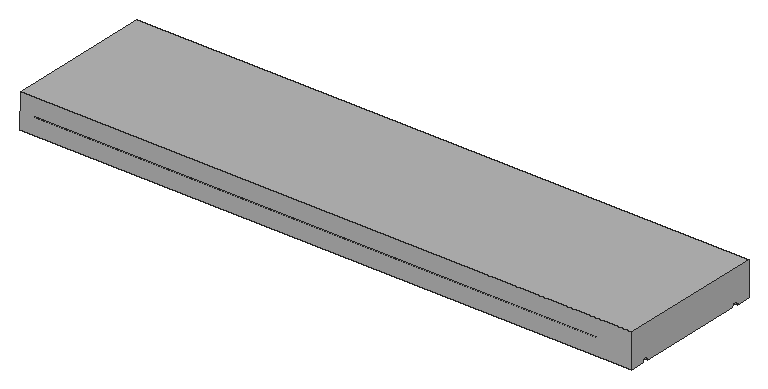
Revit family "WC443 Flat Top", category Generic Models, Revit 2020
Family settings
  Can host rebar = No
  Round Connector Dimension = Use Diameter
  Part Type = Normal
  Work Plane-Based = No
  Always vertical = Yes
  Cut with Voids When Loaded = No
  Shared = No
  Room Calculation Point = No
Parameters
  Weight = "24Kg"
  Warranty Guarantor Parts = "n/a"
  Warranty Guarantor Labour = "n/a"
  Warranty Duration Unit = "n/a"
  Warranty Duration Parts = "n/a"
  Warranty Duration Labour = "n/a"
  Warranty Description = "n/a"
  Unit Width [instance] = 215 mm
  Unit Length [instance] = 900 mm
  Unit Height [instance] = 50 mm
  URL = "www.killeshal.com"
  Types = "Single"
  Type Comments = "Visit our website for a full list of available products."
  Sustainability Performance = "n/a"
  Structural Class = "n/a"
  Span = "Unit Length"
  Slope = "0.00°"
  Size = "215mm x 50mm"
  Shape = "As per drawing"
  Service Life = "0.000000"
  Serial Number = "n/a"
  Resistance to Fire = "n/a"
  Replacement Cost = "n/a"
  Reference = "n/a"
  Notified Body = "n/a"
  Nominal Cover to Main Bar = "n/a"
  Model = "W/C 443 Wall Cap."
  Mechanical Resistance = "n/a"
  Manufacturer = "Killeshal Precast Concrete Ltd."
  Load Bearing = no
  Life Cycle Environmental Load = "n/a"
  Length Options = "Stock size 900mm."
  Keynote = "The information contained is the sole property of KPC Ltd., any reproduction in part or whole without permission of KPC Ltd. is prohibited."
  Environmental Product Declaration = "n/a"
  Environmental Class = "n/a"
  Durability against Corrosion = "n/a"
  Dimension Accuracy Class = "n/a"
  Detailing = "As per design specification and product drawings."
  Description = "Flat Top Wall Cap"
  Default Elevation = 0 mm
  Dangerous Substances = "n/a"
  Contact Tel = "0035357 9353018"
  Contact Email = "sales@killeshal.com"
  Construction Type = "Precast"
  Construction Tolerance Class = "n/a"
  Compressive Strength of Concrete = "n/a"
  Characteristics of Reinforcing Steel = "n/a"
  Characteristics Deflection Under Load = "n/a"
Reference planes
  plane 1 "Center (Front/Back)": y = 0
  plane 2: z = 0
  plane 3 "Center (Left/Right)": x = 0
  plane 4 "Rear": y = 107.5
  plane 5 "Front": y = -107.5
  plane 6 "Center L/T": z = 50
  plane 7 "Center L/Y": y = 82.5
  plane 8 "Center L/Z": y = -82.5
Forms (mm)
  Extrusion 1, solid, material "Precast Concrete (KPC)"
    sketch origin (0, 0, 0) x (0, 1, 0) y (0, 0, 1)
      loop
        line (-107.5, 50) -> (-107.5, 0) -> (-87.5, 0)
        arc (-87.5, 0) -> (-82.5, 5) -> (-77.5, 0) r 5
        line (-77.5, 0) -> (77.5, 0)
        arc (77.5, 0) -> (82.5, 5) -> (87.5, 0) r 5
        line (87.5, 0) -> (107.5, 0) -> (107.5, 50) -> (-107.5, 50)
    from 0 to 900
Dimensions and locks
  "Unit Length": Extrusion 1 to Extrusion 1
  "Unit Width": Extrusion 1 to Extrusion 1
  "Unit Height": Extrusion 1 to Extrusion 1
  aligned and locked: level to plane 2
Automatic sketch dimensions
  Extrusion 1 sketch curve to plane 5 "Front" = 0 mm
  Extrusion 1 sketch curve to level = 0 mm
  Extrusion 1 sketch curve to plane 8 "Center L/Z" = 0 mm
  Extrusion 1 sketch curve to plane 7 "Center L/Y" = 0 mm
  Extrusion 1 sketch curve to plane 4 "Rear" = 0 mm
  Extrusion 1 sketch curve to plane 6 "Center L/T" = 0 mm
  Extrusion 1 sketch curve to Extrusion 1 sketch curve = 5 mm  (x2)
